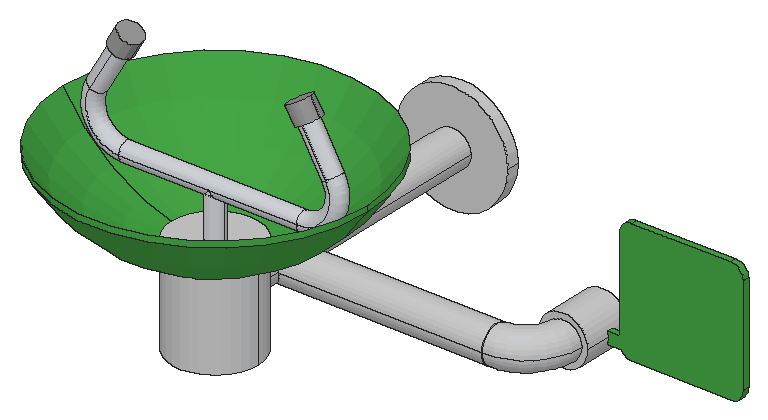
Revit family "Душ для глаз аварийный настенного крепления, с чашей", category Оборудование, Revit 2017
Family settings
  Размер круглого соединителя = Использовать диаметр
  Тип детали = Нормальный
  На основе рабочей плоскости = Нет
  Всегда вертикально = Да
  При загрузке вырезать с полостями = Нет
  Общий = Нет
  Точка расчета площади = Нет
Parameters (values of type "Тип")
  Подключение к сливной трубе = no
  Подключение к горячей воде = no
  Подключение к вентиляции = no
  Общ_Тип, марка = "Арт. 9102"
  Общ_Расход ХВ = 0.02 L/s
  Общ_Расход ГВ = 0.02 L/s
  Общ_Примечание КР [instance] = ""
  Общ_Примечание ВК [instance] = ""
  Общ_Примечание = "Учтено в разделе ВК. На подводящей воду магистрали установить термостат. Под душем устроить разуклонку с трапом."
  Общ_Поставщик = "Delabie"
  Общ_Позиция = "125"
  Общ_Наименование = "Аварийный душ для глаз настенного крепления"
  Общ_Масса = ""
  Общ_Код продукции = ""
  Общ_Задание [instance] = "ВК"
  Общ_Единицы измерения = "шт."
  Общ_Диаметр ХВ = 12.7 mm
  Общ_Диаметр ГВ = 12.7 mm
  Keynote = ""
  Model = ""
Reference planes
  plane 1 "По центру (Вперед/Назад)": y = 0
  plane 2: z = 0
  plane 3 "По центру (Влево/Вправо)": x = 0
  plane 4: y = -160
  plane 5: x = 210
  plane 6: y = -250
  plane 7: through (68.511, -1524, 165.102) normal (-0.5, 0, 0.866)
Forms (mm)
  Extrusion 1, solid, material "Металл окрашенный светло-серый"
    sketch origin (0, 0, 0) x (1, 0, 0) y (0, 0, 1)
      loop
        circle (0, 0) r 45
    from 0 to 10
  Extrusion 2, solid, material "Металл окрашенный светло-серый"
    sketch origin (0, 0, 0) x (1, 0, 0) y (0, 0, 1)
      loop
        circle (0, 0) r 15
    from 250 to 0
  Extrusion 3, solid, material "Металл окрашенный светло-серый"
    sketch origin (0, 20, 0) x (0, 1, 0) y (0, 0, 1)
      loop
        circle (-210, 0) r 15
    from 180 to 0
  Extrusion 4, solid, material "Металл окрашенный светло-серый"
    sketch origin (0, 0, 0) x (1, 0, 0) y (0, 1, 0)
      loop
        circle (0, -250) r 35
    from -40 to 40
  Revolve 5, solid, material "Металл окрашенный светло-серый"
    sketch origin (180, 60, 1200) x (0, 1, 0) y (0, 0, 1)
      loop
        circle (-250, -1200) r 15
      axis (-220, -1200) -> (-220, -1201)
    angle from 0 to -90
  Extrusion 6, solid, material "Металл окрашенный светло-серый"
    sketch origin (-140, -160, 1200) x (-1, 0, 0) y (0, 0, 1)
      loop
        circle (-350, -1200) r 20
    from 0 to 40
  Extrusion 7, solid, material "Металл зелёный"
    sketch origin (-140, -160, 1200) x (-1, 0, 0) y (0, 0, 1)
      loop
        line (-360, -1205) -> (-360, -1195) -> (-380, -1195) -> (-380, -1120)
        arc (-380, -1120) -> (-382.929, -1112.929) -> (-390, -1110) r 10
        line (-390, -1110) -> (-470, -1110)
        arc (-470, -1110) -> (-477.071, -1112.929) -> (-480, -1120) r 10
        line (-480, -1120) -> (-480, -1200)
        arc (-480, -1200) -> (-477.071, -1207.071) -> (-470, -1210) r 10
        line (-470, -1210) -> (-390, -1210)
        arc (-390, -1210) -> (-385, -1208.66) -> (-381.34, -1205) r 10
        line (-381.34, -1205) -> (-360, -1205)
    from 20 to 25
  Revolve 8, solid, material "Металл зелёный"
    sketch origin (-140, -250, 1200) x (-1, 0, 0) y (0, 0, 1)
      loop
        line (-140, -1170.804) -> (-140, -1165.804)
        arc (-140, -1165.804) -> (-211.216, -1145.538) -> (-263.39, -1093) r 146.309
        line (-263.39, -1093) -> (-263.39, -1098)
        arc (-263.39, -1098) -> (-211.216, -1150.538) -> (-140, -1170.804) r 146.309
      axis (-140, -1093) -> (-140, -1170.804)
    angle from 0 to 360
  Sweep 9, solid
    path in 3D
      loop
        line (-72, -250, 159.059) -> (-95.511, -250, 118.337)
        arc (-95.511, -250, 118.337) -> (-95.489, -250, 91.251) -> (-72, -250, 77.763) r 27.049
        line (-72, -250, 77.763) -> (72, -250, 77.763)
        arc (72, -250, 77.763) -> (95.489, -250, 91.251) -> (95.511, -250, 118.337) r 27.049
        line (95.511, -250, 118.337) -> (72, -250, 159.059)
    profile origin (0, -250, 77.763) x (0, 0, -1) y (0, 1, 0)
      loop
        circle (0, 0) r 7.5
  Extrusion 10, solid
    sketch origin (0, 0, 0) x (1, 0, 0) y (0, 1, 0)
      loop
        circle (0, -250) r 7.5
    from 0 to 78
  Extrusion 11, solid, material "Сталь, нержавеющая AISI 304"
    sketch origin (68.511, -1524, 165.102) x (-0.866025, 0, -0.5) y (0, -1, 0)
      loop
        circle (0, -1274) r 10
    from 0 to -15
  Extrusion 12, solid, material "Сталь, нержавеющая AISI 304"
    sketch origin (-68.511, -1524, 165.102) x (0.866025, 0, -0.5) y (0, 1, 0)
      loop
        circle (0, 1274) r 10
    from 0 to -15
Lines and regions (mm)
  model lines, detail levels coarse+medium
    curve 1: line (-72, -250, 77.763) -> (72, -250, 77.763)
    curve 2: line (95.511, -250, 118.337) -> (68.511, -250, 165.102)
    curve 3: arc (72, -250, 77.763) -> (95.489, -250, 91.251) -> (95.511, -250, 118.337) r 27.049
    curve 4: line (-95.511, -250, 118.337) -> (-68.511, -250, 165.102)
    curve 5: arc (-72, -250, 77.763) -> (-95.489, -250, 91.251) -> (-95.511, -250, 118.337) r 27.049
  sketch lines
    curve 6: line (-72, -250, 77.763) -> (72, -250, 77.763)
    curve 7: arc (72, -250, 77.763) -> (95.489, -250, 91.251) -> (95.511, -250, 118.337) r 27.049
    curve 8: line (95.511, -250, 118.337) -> (72, -250, 159.059)
    curve 9: arc (-72, -250, 77.763) -> (-95.489, -250, 91.251) -> (-95.511, -250, 118.337) r 27.049
    curve 10: line (-95.511, -250, 118.337) -> (-72, -250, 159.059)
Dimensions and locks
  aligned and locked: level to plane 2
Connectors
  piping at (0, 0, 0), diameter 12.7, driven by "Общ_Расход ХВ", driven by "Общ_Диаметр ХВ"
    settings: on Extrusion 2, index 1, connector inside diameter 609.6 mm, connector length 0.0 mm, flow factor 0, pipe flow 0.02 L/s, pressure drop 0.0 Pa, fitting loss kfactor 0, connector angle 0.00°, fixture units 0, engagement length 0.0 mm, angle of deflection 0.00°, flow configuration 0, flow direction 1, fitting loss method 0, system type 20, joint type 0, gender type 0, connector reference index -1, connector utility 0, adjustable connector no, is connector primary yes, connector description ""
